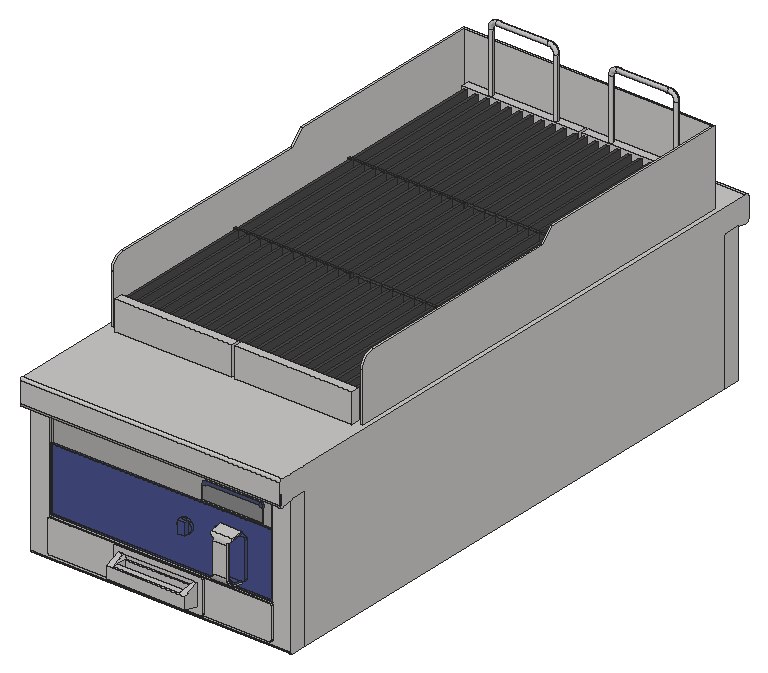
Revit family "QF_ELECTROLUXPROFESSIONAL_589278_MCDAAADOPO", category Specialty Equipment, Revit 2018
Family settings
  Round Connector Dimension = Use Diameter
  Part Type = Normal
  Work Plane-Based = No
  Always vertical = Yes
  Cut with Voids When Loaded = No
  Shared = No
  Room Calculation Point = No
Parameters
  Weight in Pounds = 143.3
  Watts = 0 W
  URL Cutsheet = ""
  Type Mark [instance] = ""
  Specification by User [instance] = ""
  Specification by Manufacturer = ""
  Show Clearance [instance] = yes
  Serial Number = ""
  Seismic Rating = ""
  SMACNA No = ""
  Revision Code [instance] = ""
  Omniclass Number and Title = ""
  NAFEM Spec ID Number = ""
  Model = "589278"
  Mechanical Remarks = ""
  Mechanical Connection Type = ""
  Masterspec = ""
  Manufacturer = "ELECTROLUX"
  Item Number [instance] = ""
  Installed By [instance] = ""
  Identify Quantity as Lot [instance] = yes
  HP = "0 HP"
  Gas Size = 3/4"
  Gas RI Height [instance] = 0 mm
  Gas KW = 10.5
  Gas Input [instance] = 35794.5 Btu/h
  Gas Connection Height = 0 mm
  Furnished By [instance] = ""
  Foodservice Equipment Identifier [instance] = yes
  Direct Waste Size = 0"
  Description = "GAS CHARGRILL,1-SIDE,400X900X250H"
  CSI MasterFormat = ""
  CSI Master Format = ""
Reference planes
  plane 1 "BACK": y = 0
  plane 2: z = 0
  plane 3 "LEFT": x = 0
  plane 4 "RIGHT": x = 400
  plane 5 "FRONT": y = -900
  plane 6 "TOP": z = 250
  plane 7: x = 200
  plane 8: y = -450
  plane 9: y = -1330
Forms (mm)
  Extrusion 1, solid, material "QF_Finishes_Stainless Steel"
    sketch origin (0, -487.128, 0) x (0, 1, 0) y (0, 0, 1)
      loop
        line (483.128, 250) -> (-408.872, 250)
        arc (-408.872, 250) -> (-411.7, 248.828) -> (-412.872, 246) r 4
        line (-412.872, 246) -> (-412.872, 214)
        arc (-412.872, 214) -> (-411.443, 210.936) -> (-408.177, 210.061) r 4
        line (-408.177, 210.061) -> (-391.509, 213) -> (-366.872, 213) -> (-366.872, 0) -> (441.128, 0) -> (441.128, 213) -> (465.765, 213) -> (482.433, 210.061)
        arc (482.433, 210.061) -> (485.699, 210.936) -> (487.128, 214) r 4
        line (487.128, 214) -> (487.128, 246)
        arc (487.128, 246) -> (485.956, 248.828) -> (483.128, 250) r 4
    from 0 to 400
  Extrusion 2, solid, material "QF_Finishes_Stainless Steel"
    sketch origin (0, 0, 0) x (0, 1, 0) y (0, 0, 1)
      loop
        line (-46, 0) -> (-20, 0) -> (-20, 213) -> (-46, 213) -> (-46, 0)
    from 0 to 400
  Extrusion 3, solid, material "QF_Finishes_Stainless Steel"
    sketch origin (0, -854, 0) x (1, 0, 0) y (0, -1, 0)
      loop
        circle (365, -264) r 6.35
    from 0 to 3.2
  Extrusion 4, solid, material "QF_Door-Drawer Clearances", visible <- "Show Clearance", detail levels coarse
    sketch origin (237.31, -881.593, 8.62) x (0, 0, 1) y (-1, 0, 0)
      loop
        line (1.973, -134.295) -> (49.317, -134.295)
        arc (49.317, -134.295) -> (50.776, -133.691) -> (51.38, -132.232) r 2.063
        line (51.38, -132.232) -> (51.38, 206.852)
        arc (51.38, 206.852) -> (50.88, 208.549) -> (49.541, 209.705) r 3.133
        line (49.541, 209.705) -> (3.067, 209.705)
        arc (3.067, 209.705) -> (0.898, 208.807) -> (0, 206.638) r 3.067
        line (0, 206.638) -> (0, -132.322)
        arc (0, -132.322) -> (0.578, -133.717) -> (1.973, -134.295) r 1.973
    from 0 to 448.407
  Extrusion 5, solid, material "QF_Clearances", visible <- "Show Clearance", detail levels coarse
    sketch origin (-178.969, -4572, 0) x (-1, 0, 0) y (0, -1, 0)
      loop
        line (-26.969, -3672) -> (-178.969, -3672) -> (-178.969, -4572) -> (-578.969, -4572) -> (-578.969, -3672) -> (-730.969, -3672) -> (-730.969, -4775) -> (-26.969, -4775) -> (-26.969, -3672)
    from 0 to 250
Lines and regions (mm)
  symbolic lines
    curve 1: line (0, 0, 0) -> (400, 0, 0)
    curve 2: line (0, -900, 0) -> (0, 0, 0)
    curve 3: line (400, -900, 0) -> (0, -900, 0)
    curve 4: line (400, 0, 0) -> (400, -900, 0)
  symbolic lines, style "QF_Door-Drawer Clearances"
    curve 5: line (27.605, -1330, 0) -> (27.605, -900, 0)
    curve 6: line (27.605, -1330, 0) -> (371.605, -1330, 0)
    curve 7: line (371.605, -1330, 0) -> (371.605, -900, 0)
  symbolic lines, style "QF_Clearances", visible <- "Show Clearance", detail levels coarse
    curve 8: line (-152, 203, 0) -> (-152, -900, 0)
    curve 9: line (552, 203, 0) -> (-152, 203, 0)
    curve 10: line (552, -900, 0) -> (552, 203, 0)
Dimensions and locks
  plane 3 "LEFT" to plane 4 "RIGHT" = 400 mm
  plane 5 "FRONT" to plane 1 "BACK" = 900 mm
  equal spacing: plane 3 "LEFT", plane 7, plane 4 "RIGHT"
  equal spacing: plane 5 "FRONT", plane 8, plane 1 "BACK"
  plane 6 "TOP" to level = 250 mm  (x2)
  plane 1 "BACK" to plane 5 "FRONT" = 900 mm
  Extrusion 3 sketch curve to plane 1 "BACK" = 590 mm
  Extrusion 3 sketch curve to plane 4 "RIGHT" = 35 mm
  plane 5 "FRONT" to plane 9 = 430 mm
  Extrusion 5 to plane 3 "LEFT" = 152 mm
  plane 4 "RIGHT" to Extrusion 5 = 152 mm
  plane 1 "BACK" to Extrusion 5 = 203 mm
  aligned and locked: level to plane 2
  aligned and locked: plane 7 to nested 1
  aligned and locked: Extrusion 4 to plane 9
  aligned and locked: plane 6 "TOP" to Extrusion 5
  aligned and locked: plane 7 to nested 2
Automatic sketch dimensions
  Extrusion 2 sketch curve to Extrusion 2 sketch curve = 26 mm
  plane 1 "BACK" to Extrusion 2 sketch curve = 20 mm
  Extrusion 1 sketch curve to plane 5 "FRONT" = 0 mm
  Extrusion 1 sketch curve to plane 6 "TOP" = 0 mm
  Extrusion 1 sketch curve to level = 0 mm
  Extrusion 1 sketch curve to plane 1 "BACK" = 0 mm
  Extrusion 1 sketch curve to plane 6 "TOP" = 37 mm  (x2)
  Extrusion 1 sketch curve to plane 5 "FRONT" = 4 mm
  Extrusion 1 sketch curve to plane 5 "FRONT" = 21.363 mm
  Extrusion 1 sketch curve to plane 5 "FRONT" = 46 mm
  plane 1 "BACK" to Extrusion 1 sketch curve = 21.363 mm
  plane 1 "BACK" to Extrusion 1 sketch curve = 4 mm  (x2)
  Extrusion 1 sketch curve to Extrusion 1 sketch curve = 4 mm
  Extrusion 1 sketch curve to Extrusion 1 sketch curve = 0.695 mm
  Extrusion 1 sketch curve to Extrusion 1 sketch curve = 0 mm  (x4)
  plane 1 "BACK" to Extrusion 1 sketch curve = 4.695 mm
  Extrusion 1 sketch curve to Extrusion 1 sketch curve = 1 mm  (x2)
  plane 1 "BACK" to Extrusion 1 sketch curve = 46 mm
  Extrusion 4 sketch curve to nested 1 = 1.973 mm
  Extrusion 4 sketch curve to nested 1 = 2.853 mm
  Extrusion 4 sketch curve to nested 1 = 1.839 mm
  plane 1 "BACK" to Extrusion 5 sketch curve = 0 mm
  plane 5 "FRONT" to Extrusion 5 sketch curve = 0 mm  (x2)
  Extrusion 5 sketch curve to plane 4 "RIGHT" = 152 mm
  Extrusion 5 sketch curve to plane 1 "BACK" = 203 mm
  Extrusion 5 sketch curve to plane 3 "LEFT" = 152 mm
  Extrusion 5 sketch curve to plane 3 "LEFT" = 0 mm
  Extrusion 5 sketch curve to plane 4 "RIGHT" = 0 mm
  plane 1 "BACK" to curve 1 = 0 mm
  curve 1 to plane 4 "RIGHT" = 0 mm
  curve 7 to plane 9 = 0 mm
  curve 3 to plane 3 "LEFT" = 0 mm
  plane 5 "FRONT" to curve 3 = 0 mm
  plane 5 "FRONT" to curve 10 = 0 mm
  plane 5 "FRONT" to curve 8 = 0 mm
  curve 9 to plane 4 "RIGHT" = 152 mm
  plane 4 "RIGHT" to curve 7 = 28.395 mm
  plane 3 "LEFT" to curve 5 = 27.605 mm
  curve 8 to plane 3 "LEFT" = 152 mm
  curve 8 to plane 1 "BACK" = 203 mm
  Extrusion 2 sketch curve to level = 0 mm
  Extrusion 2 sketch curve to plane 6 "TOP" = 37 mm
  radius of Extrusion 3 sketch curve = 6.35 mm
  radius of Extrusion 4 sketch curve to nested 1 = 0 mm  (x2)
Nested families
  nested 1: "GC_900_400 Front Panel with Center Grease Trap" at (202.376, -854, -650), type "GC_900_400 Front Panel with Center Grease Trap"
  nested 2: "GC_900_CharGrill" at (138.888, -5, 0), type "GC_900_CharGrill"
Connectors
  piping at (365, -590, -3.2), diameter 12.8
    settings: on Extrusion 3, index 1, connector inside diameter 0.50394", connector length 0 mm, flow factor 0, pipe flow 0 GPM, pressure drop 0.00 psi, fitting loss kfactor 0, connector angle 0.00°, fixture units 0, engagement length 0 mm, angle of deflection 0.00°, flow configuration 1, flow direction 1, fitting loss method 0, system type 7, joint type 0, gender type 0, connector reference index -1, connector utility 0, adjustable connector no, is connector primary yes, connector description "GAS CONNECTION"
Definition of nested family "GC_900_400 Front Panel with Center Grease Trap"
  Reference planes
    plane 1 "Center (Front/Back)": y = 0
    plane 2: z = 0
    plane 3 "Center (Left/Right)": x = -2.376
    plane 4: x = -202.376
    plane 5: x = 197.624
  Forms (mm)
    Extrusion 1, solid
      sketch origin (833.217, 829.203, -1.25) x (0, 1, 0) y (0, 0, 1)
        loop
          arc (-854.203, 654.25) -> (-853.324, 652.129) -> (-851.203, 651.25) r 3
          line (-851.203, 651.25) -> (-829.203, 651.25) -> (-829.203, 864.25) -> (-854.203, 864.25) -> (-854.203, 654.25)
      from -1035.593 to -635.593
    Extrusion 2, void
      sketch origin (33.217, 829.203, -1.25) x (1, 0, 0) y (0, 0, 1)
        loop
          line (-207.593, 855.116) -> (-207.593, 713.116) -> (136.407, 713.116) -> (136.407, 855.116) -> (-207.593, 855.116)
      from 848.59 to 854.203
    Extrusion 3, solid
      sketch origin (-166.718, -23.053, 847.184) x (0, 0, -1) y (1, 0, 0)
        loop
          circle (77.168, 200.901) r 11
      from 0 to 3.2
    Extrusion 4, solid
      sketch origin (-166.718, -26.253, 847.184) x (0, 0, -1) y (1, 0, 0)
        loop
          line (67.962, 195.586) -> (86.297, 195.586) -> (86.297, 206.217) -> (67.962, 206.217) -> (67.962, 195.586)
      from 0 to 6.4
  Cuts and joins
    Extrusion 2 cuts Extrusion 1
  Lines and regions (mm)
    symbolic lines
      curve 1: line (91.29, -48.326, 0) -> (91.29, -46, 0)
      curve 2: spline (96.959, -49.73, 0) -> (96.48, -49.657, 0) -> (96.002, -49.575, 0) -> (95.525, -49.486, 0) -> (95.049, -49.389, 0) -> (94.574, -49.283, 0) -> (94.101, -49.17, 0) -> (93.628, -49.049, 0) -> (93.158, -48.92, 0) -> (92.688, -48.783, 0) -> (92.22, -48.638, 0) -> (91.754, -48.486, 0) -> (91.29, -48.326, 0)
      curve 3: line (123.506, -48.326, 0) -> (123.506, -46, 0)
      curve 4: spline (123.506, -48.326, 0) -> (123.041, -48.486, 0) -> (122.575, -48.638, 0) -> (122.107, -48.783, 0) -> (121.638, -48.92, 0) -> (121.167, -49.049, 0) -> (120.695, -49.17, 0) -> (120.221, -49.283, 0) -> (119.746, -49.389, 0) -> (119.271, -49.486, 0) -> (118.794, -49.575, 0) -> (118.316, -49.657, 0) -> (117.837, -49.73, 0)
      curve 5: line (96.959, -49.73, 0) -> (117.837, -49.73, 0)
      curve 6: line (-54.768, -54.767, 0) -> (47.667, -54.767, 0)
      curve 7: line (47.667, -54.767, 0) -> (49.212, -46, 0)
      curve 8: line (-54.768, -54.767, 0) -> (-56.314, -46, 0)
  Dimensions and locks
    equal spacing: plane 5, plane 3 "Center (Left/Right)", plane 4
    plane 5 to plane 4 = 400 mm
    plane 5 to nested 1 = 90 mm
    aligned and locked: cut or joined group of Extrusion 1, Extrusion 2 to plane 4
    aligned and locked: plane 5 to cut or joined group of Extrusion 1, Extrusion 2
    aligned and locked: plane 3 "Center (Left/Right)" to nested 2
    aligned and locked: cut or joined group of Extrusion 1, Extrusion 2 to nested 2
    aligned and locked: plane 3 "Center (Left/Right)" to nested 3
  Automatic sketch dimensions
    curve 8 to plane 3 "Center (Left/Right)" = 52.392 mm
    plane 1 "Center (Front/Back)" to curve 8 = 54.767 mm
    plane 3 "Center (Left/Right)" to curve 6 = 50.042 mm
    curve 6 to curve 1 = 43.623 mm
    curve 1 to curve 5 = 5.669 mm
    curve 5 to curve 5 = 20.878 mm
    curve 5 to curve 3 = 5.669 mm
    curve 8 to curve 6 = 1.546 mm
    curve 6 to curve 7 = 1.546 mm
    plane 1 "Center (Front/Back)" to curve 2 = 6.899 mm
    curve 1 to curve 2 = 9.839 mm
    plane 1 "Center (Front/Back)" to curve 4 = 6.899 mm
    curve 2 to curve 4 = 12.538 mm
    curve 5 to curve 4 = 42.832 mm
    curve 2 to curve 1 = 1.405 mm
    curve 5 to curve 3 = 1.405 mm
    curve 3 to curve 3 = 2.326 mm
    curve 6 to curve 8 = 8.767 mm
    curve 2 to curve 1 = 2.326 mm
    curve 6 to curve 7 = 8.767 mm
    Extrusion 1 sketch curve to plane 1 "Center (Front/Back)" = 0 mm
    level to Extrusion 1 sketch curve = 650 mm
    Extrusion 1 sketch curve to Extrusion 1 sketch curve = 22 mm
    Extrusion 1 sketch curve to Extrusion 1 sketch curve = 3 mm
    Extrusion 1 sketch curve to Extrusion 1 sketch curve = 210 mm
    plane 4 to Extrusion 2 sketch curve = 28 mm
    level to Extrusion 2 sketch curve = 711.866 mm
    Extrusion 2 sketch curve to plane 5 = 28 mm
    Extrusion 2 sketch curve to Extrusion 2 sketch curve = 142 mm
    nested 2 to Extrusion 3 sketch curve = 40.144 mm
    Extrusion 3 sketch curve to nested 2 = 132.531 mm
    Extrusion 4 sketch curve to Extrusion 4 sketch curve = 18.335 mm
    Extrusion 4 sketch curve to Extrusion 4 sketch curve = 10.631 mm
    radius of Extrusion 3 sketch curve = 11 mm
  Nested families
    nested 1: "Range Control Handle" at (107.624, -28.137, -209.113) x (-1, 0, 0) z (0, 0, 1), type "Range Control Handle"
    nested 2: "glass conrol panel" at (-2.376, 280.644, 2.752), type "glass conrol panel"
    nested 3: "grease trap door" at (65.223, -25, 0.608) x (-1, 0, 0) z (0, 0, 1), type "grease trap door"
  Definition of nested family "Range Control Handle"
    Reference planes
      plane 1 "Center (Front/Back)": y = 0
      plane 2: z = 0
      plane 3 "Center (Left/Right)": x = 0
      plane 4: z = 971.092
    Forms (mm)
      Extrusion 1, solid
        sketch origin (-746.28, 380.497, 208.931) x (-1, 0, 0) y (0, 0, 1)
          loop
            line (-770.101, 786.798) -> (-770.101, 731.649)
            arc (-770.101, 731.649) -> (-769.759, 730.563) -> (-768.855, 729.87) r 1.893
            line (-768.855, 729.87) -> (-763.474, 727.911) -> (-729.81, 727.911) -> (-724.428, 729.87)
            arc (-724.428, 729.87) -> (-723.525, 730.563) -> (-723.183, 731.649) r 1.893
            line (-723.183, 731.649) -> (-723.183, 786.798)
            arc (-723.183, 786.798) -> (-723.529, 787.894) -> (-724.44, 788.593) r 1.91
            line (-724.44, 788.593) -> (-729.683, 790.819) -> (-763.601, 790.819) -> (-768.844, 788.593)
            arc (-768.844, 788.593) -> (-769.755, 787.894) -> (-770.101, 786.798) r 1.91
        from -382.35 to -378.852
      Sweep 2, solid
        path origin (-746.788, 380.496, 208.091) x (0, -1, 0) y (0, 0, 1)
          loop
            line (379.775, 793.281) -> (395.661, 791.048)
            arc (395.661, 791.048) -> (397.781, 787.377) -> (398.517, 783.202) r 12.207
            line (398.517, 783.202) -> (398.517, 737.368)
            arc (398.517, 737.368) -> (397.781, 733.193) -> (395.661, 729.522) r 12.207
            line (395.661, 729.522) -> (379.775, 727.289)
        profile origin (-746.788, -7.222, 1000.256) x (0, -0.139173, 0.990268) y (-1, 0, 0)
          loop
            line (0.782, -763.123) -> (0.782, -730.907) -> (-1.322, -730.907) -> (-1.322, -763.123) -> (0.782, -763.123)
      Sweep 3, solid
        path origin (-746.788, 380.715, 207.832) x (0, -1, 0) y (0, 0, 1)
          loop
            line (380.478, 795.442) -> (397.218, 793.09)
            arc (397.218, 793.09) -> (399.929, 788.473) -> (400.871, 783.202) r 15.207
            line (400.871, 783.202) -> (400.871, 737.584)
            arc (400.871, 737.584) -> (399.914, 732.274) -> (397.164, 727.633) r 15.207
            line (397.164, 727.633) -> (380.601, 725.305)
        profile origin (-746.788, -8.132, 1002.099) x (0, -0.139173, 0.990268) y (-1, 0, 0)
          loop
            line (0.782, -763.123) -> (0.782, -730.907) -> (-1.322, -730.907) -> (-1.322, -763.123) -> (0.782, -763.123)
      Extrusion 4, void
        sketch origin (889.253, 220.666, 207.993) x (1, 0, 0) y (0, 0, 1)
          loop
            line (-943.038, 816.854) -> (-943.038, 703.686) -> (-899.466, 734.196) -> (-899.466, 786.344) -> (-943.038, 816.854)
        from 230.636 to 242.25
      Extrusion 5, void
        sketch origin (-888.8, 220.666, 207.993) x (-1, 0, 0) y (0, 0, -1)
          loop
            line (-943.038, -816.854) -> (-899.466, -786.344) -> (-899.466, -734.196) -> (-943.038, -703.686) -> (-943.038, -816.854)
        from 230.636 to 242.25
      Extrusion 6, solid
        sketch origin (0, 0, 0) x (1, 0, 0) y (0, 0, 1)
          loop
            circle (0, 971.092) r 7.736
        from -3.137 to -1.645
    Cuts and joins
      Extrusion 4, Extrusion 5 cuts Sweep 3
      Extrusion 4, Extrusion 5 cuts Sweep 2
      joined: Extrusion 1, Extrusion 6
    Lines and regions (mm)
      symbolic lines
        curve 1: line (23.821, 1.645, 0) -> (-23.097, 1.645, 0)
        curve 2: line (16.334, -1.853, 0) -> (23.821, -1.853, 0)
        curve 3: line (-15.881, -19.189, 0) -> (-15.881, -1.853, 0)
        curve 4: line (-23.097, -1.853, 0) -> (-15.881, -1.853, 0)
        curve 5: line (16.334, -19.189, 0) -> (16.334, -1.853, 0)
        curve 6: spline (-15.881, -19.189, 0) -> (-15.417, -19.349, 0) -> (-14.951, -19.501, 0) -> (-14.483, -19.646, 0) -> (-14.014, -19.783, 0) -> (-13.543, -19.912, 0) -> (-13.071, -20.033, 0) -> (-12.597, -20.146, 0) -> (-12.122, -20.251, 0) -> (-11.646, -20.349, 0) -> (-11.169, -20.438, 0) -> (-10.691, -20.52, 0) -> (-10.213, -20.593, 0)
        curve 7: spline (10.666, -20.593, 0) -> (11.144, -20.52, 0) -> (11.622, -20.438, 0) -> (12.099, -20.349, 0) -> (12.575, -20.251, 0) -> (13.05, -20.146, 0) -> (13.524, -20.033, 0) -> (13.996, -19.912, 0) -> (14.467, -19.783, 0) -> (14.936, -19.646, 0) -> (15.404, -19.501, 0) -> (15.87, -19.349, 0) -> (16.334, -19.189, 0)
        curve 8: line (-10.213, -20.938, 0) -> (10.716, -20.938, 0)
        curve 9: line (-23.097, 1.645, 0) -> (-23.097, -1.853, 0)
        curve 10: line (23.821, 1.645, 0) -> (23.821, -1.853, 0)
  Definition of nested family "glass conrol panel"
    Reference planes
      plane 1 "Center (Front/Back)": y = 0
      plane 2: z = 0
      plane 3 "Center (Left/Right)": x = 0
    Forms (mm)
      Extrusion 1, solid
        sketch origin (378.286, 0, 0.617) x (1, 0, 0) y (0, 0, 1)
          loop
            line (-550.286, 806.791) -> (-550.286, 708.497) -> (-206.286, 708.497) -> (-206.286, 806.791) -> (-550.286, 806.791)
        from 300.031 to 304.8
      Extrusion 2, solid
        sketch origin (378.286, 0, 0.617) x (1, 0, 0) y (0, 0, 1)
          loop
            line (-550.286, 850.497) -> (-550.286, 806.791) -> (-206.286, 806.791) -> (-206.286, 850.497) -> (-550.286, 850.497)
        from 300.031 to 304.8
      Extrusion 3, void
        sketch origin (378.286, 0, 0.617) x (1, 0, 0) y (0, 0, 1)
          loop
            line (-547.628, 847.565) -> (-547.628, 710.699) -> (-209.196, 710.699) -> (-209.196, 847.565) -> (-547.628, 847.565)
        from 303.697 to 304.8
      Extrusion 4, solid
        sketch origin (-198.333, 1.101, -0.633) x (-1, 0, 0) y (0, 0, -1)
          loop
            line (-261.431, -812.62) -> (-355.186, -812.62) -> (-355.186, -834.177) -> (-350.269, -834.177) -> (-348.469, -835.977) -> (-268.039, -835.977) -> (-266.24, -834.177) -> (-261.431, -834.177) -> (-261.431, -812.62)
        from 304.798 to 306.745
      Extrusion 5, solid
        sketch origin (-198.333, 1.101, -0.633) x (-1, 0, 0) y (0, 0, -1)
          loop
            line (-350.269, -834.177) -> (-355.078, -834.177)
            arc (-355.078, -834.177) -> (-353.942, -838.747) -> (-349.686, -840.763) r 5.5
            line (-349.686, -840.763) -> (-266.98, -840.763)
            arc (-266.98, -840.763) -> (-262.706, -838.752) -> (-261.529, -834.177) r 5.549
            line (-261.529, -834.177) -> (-266.24, -834.177) -> (-268.039, -835.977) -> (-348.469, -835.977) -> (-350.269, -834.177)
        from 304.798 to 306.745
    Cuts and joins
      Extrusion 3 cuts Extrusion 1
      Extrusion 3 cuts Extrusion 2
    Dimensions and locks
      aligned and locked: Extrusion 1 to Extrusion 2
      aligned and locked: Extrusion 5 sketch curve to Extrusion 4  (x5)
      aligned and locked: Extrusion 5 to Extrusion 4
  Definition of nested family "grease trap door"
    Reference planes
      plane 1 "Center (Front/Back)": y = 0
      plane 2: z = 0
      plane 3 "Center (Left/Right)": x = 0
    Forms (mm)
      Extrusion 1, solid
        sketch origin (1627.55, 854.203, -1.25) x (1, 0, 0) y (0, 0, 1)
          loop
            arc (-1627.55, 661.235) -> (-1626.972, 659.84) -> (-1625.577, 659.262) r 1.973
            line (-1625.577, 659.262) -> (-1494.325, 659.262)
            arc (-1494.325, 659.262) -> (-1492.156, 660.16) -> (-1491.258, 662.329) r 3.067
            line (-1491.258, 662.329) -> (-1491.258, 708.803)
            arc (-1491.258, 708.803) -> (-1492.414, 710.143) -> (-1494.111, 710.642) r 3.133
            line (-1494.111, 710.642) -> (-1625.486, 710.642)
            arc (-1625.486, 710.642) -> (-1626.945, 710.038) -> (-1627.55, 708.579) r 2.063
            line (-1627.55, 708.579) -> (-1627.55, 661.235)
        from 856.795 to 859.203
      Extrusion 2, solid
        sketch origin (445.874, 2476.61, 0) x (0, 1, 0) y (0, 0, 1)
          loop
            line (-2506.377, 675.273) -> (-2481.61, 667.505) -> (-2481.61, 700.995) -> (-2506.377, 693.227) -> (-2506.377, 675.273)
        from -437.68 to -317.68
      Extrusion 3, void
        sketch origin (1627.55, 854.203, -1.25) x (1, 0, 0) y (0, 0, 1)
          loop
            line (-1614.883, 703) -> (-1610.542, 695.433) -> (-1508.17, 695.433) -> (-1503.828, 703) -> (-1614.883, 703)
          loop
            line (-1614.883, 668) -> (-1502.669, 668) -> (-1507.01, 675.567) -> (-1610.542, 675.567) -> (-1614.883, 668)
        from 832.916 to 883.97
      Extrusion 4, void
        sketch origin (447.55, 854.203, -1.25) x (1, 0, 0) y (0, 0, 1)
          loop
            line (-430.542, 695.433) -> (-430.542, 675.567) -> (-328.17, 675.567) -> (-328.17, 695.433) -> (-430.542, 695.433)
        from 859.203 to 874.202
      Extrusion 5, solid
        sketch origin (1627.55, 854.203, -1.25) x (1, 0, 0) y (0, 0, 1)
          loop
            arc (-1731.556, 661.235) -> (-1730.978, 659.84) -> (-1729.583, 659.262) r 1.973
            line (-1729.583, 659.262) -> (-1390.623, 659.262)
            arc (-1390.623, 659.262) -> (-1388.454, 660.16) -> (-1387.556, 662.329) r 3.067
            line (-1387.556, 662.329) -> (-1387.556, 708.803)
            arc (-1387.556, 708.803) -> (-1388.712, 710.143) -> (-1390.409, 710.642) r 3.133
            line (-1390.409, 710.642) -> (-1729.493, 710.642)
            arc (-1729.493, 710.642) -> (-1730.952, 710.038) -> (-1731.556, 708.579) r 2.063
            line (-1731.556, 708.579) -> (-1731.556, 661.235)
        from 854.203 to 856.795
    Cuts and joins
      Extrusion 3 cuts Extrusion 1
      Extrusion 3, Extrusion 4 cuts Extrusion 2
      joined: Extrusion 1, Extrusion 2
    Lines and regions (mm)
      symbolic lines
        curve 1: line (0, -2.593, 0) -> (136.292, -2.593, 0)
        curve 2: line (17.557, -29.767, 0) -> (12.667, -2.593, 0)
        curve 3: line (17.557, -29.767, 0) -> (119.991, -29.767, 0)
        curve 4: line (119.991, -29.767, 0) -> (124.881, -2.593, 0)
        curve 5: line (68.146, -2.593, 0) -> (68.146, -29.767, 0)
      model lines
        curve 6: line (67.599, 0, 658.012) -> (67.599, 0, 709.392)
    Dimensions and locks
      aligned and locked: Extrusion 2 to Extrusion 1
      aligned and locked: Extrusion 3 to Extrusion 2
      aligned and locked: Extrusion 4 to Extrusion 1
Definition of nested family "GC_900_CharGrill"
  Parameters
    Width [instance] = 400 mm
    No. of Rails [instance] = 2
    Grill Width [instance] = 180 mm
  Reference planes
    plane 1 "Center (Front/Back)": y = 0
    plane 2: z = 0
    plane 3 "Center (Left/Right)": x = -138.888
    plane 4: y = -900
    plane 5: x = 261.112
    plane 6: x = 61.112
    plane 7: y = -450
    plane 8: z = 250
    plane 9: x = -132.538
    plane 10: x = 254.762
    plane 11: y = -53.75
  Forms (mm)
    Extrusion 1, solid
      sketch origin (-132.538, 36.469, 1219.2) x (0, 1, 0) y (0, 0, 1)
        loop
          line (-90.219, -969.2) -> (-90.219, -854.2) -> (-400.219, -854.2) -> (-419.147, -873.128) -> (-744.324, -873.128)
          arc (-744.324, -873.128) -> (-758.466, -878.986) -> (-764.324, -893.128) r 20
          line (-764.324, -893.128) -> (-764.324, -969.2) -> (-90.219, -969.2)
      from 0 to 3.2
    Extrusion 2, solid
      sketch origin (254.762, 36.469, 1219.2) x (0, 1, 0) y (0, 0, -1)
        loop
          line (-90.219, 969.2) -> (-764.324, 969.2) -> (-764.324, 893.128)
          arc (-764.324, 893.128) -> (-758.466, 878.986) -> (-744.324, 873.128) r 20
          line (-744.324, 873.128) -> (-419.147, 873.128) -> (-400.219, 854.2) -> (-90.219, 854.2) -> (-90.219, 969.2)
      from 0 to 3.2
    Extrusion 3, solid
      sketch origin (-132.538, -53.75, 1219.2) x (-1, 0, 0) y (0, 0, 1)
        loop
          line (-387.3, -854.2) -> (-387.3, -969.2) -> (0, -969.2) -> (0, -854.2) -> (-387.3, -854.2)
      from 0 to 3.2
  Cuts and joins
    joined: Extrusion 1, Extrusion 2, Extrusion 3
  Lines and regions (mm)
    symbolic lines
      curve 1: line (254.762, -50.55, 0) -> (-132.538, -50.55, 0)
      curve 2: line (-132.538, -50.55, 0) -> (-132.538, -363.75, 0)
      curve 3: line (-132.538, -363.75, 0) -> (-129.338, -363.75, 0)
      curve 4: line (-129.338, -363.75, 0) -> (-129.338, -53.75, 0)
      curve 5: line (-129.338, -53.75, 0) -> (251.562, -53.75, 0)
      curve 6: line (251.562, -53.75, 0) -> (251.562, -363.75, 0)
      curve 7: line (251.562, -363.75, 0) -> (254.762, -363.75, 0)
      curve 8: line (254.762, -363.75, 0) -> (254.762, -50.55, 0)
  Dimensions and locks
    "Width": plane 3 "Center (Left/Right)" to plane 5
    plane 4 to plane 1 "Center (Front/Back)" = 900 mm
    equal spacing: plane 3 "Center (Left/Right)", plane 6, plane 5
    equal spacing: plane 4, plane 7, plane 1 "Center (Front/Back)"
    plane 8 to level = 250 mm
    locked: plane 3 "Center (Left/Right)" to plane 9 at 6.35
    locked: plane 10 to plane 5 at 6.35
    locked: nested 1 to plane 3 "Center (Left/Right)" at 17.5
    group 1 to group 2 = 185 mm
    group 1 to group 2 = 0 mm  (x2)
    locked: plane 5 to nested 2 at 17.5
  Automatic sketch dimensions
    Extrusion 1 sketch curve to plane 8 = 0 mm
    Extrusion 1 sketch curve to plane 4 = 172.145 mm
    plane 8 to Extrusion 1 sketch curve = 76.072 mm
    Extrusion 1 sketch curve to Extrusion 1 sketch curve = 20 mm
    plane 7 to Extrusion 1 sketch curve = 67.322 mm
    Extrusion 1 sketch curve to Extrusion 1 sketch curve = 18.928 mm  (x2)
    plane 1 "Center (Front/Back)" to Extrusion 1 sketch curve = 53.75 mm
    Extrusion 2 sketch curve to plane 8 = 0 mm
    plane 4 to Extrusion 2 sketch curve = 172.145 mm
    Extrusion 2 sketch curve to plane 8 = 76.072 mm
    Extrusion 2 sketch curve to Extrusion 2 sketch curve = 20 mm
    Extrusion 2 sketch curve to plane 7 = 67.322 mm
    Extrusion 2 sketch curve to Extrusion 2 sketch curve = 18.928 mm  (x2)
    Extrusion 2 sketch curve to plane 1 "Center (Front/Back)" = 53.75 mm
    Extrusion 3 sketch curve to plane 8 = 0 mm
    plane 10 to Extrusion 3 sketch curve = 0 mm
    Extrusion 3 sketch curve to plane 9 = 0 mm
    plane 8 to Extrusion 3 sketch curve = 115 mm
    curve 1 to plane 9 = 0 mm
    curve 5 to plane 11 = 0 mm
    curve 1 to plane 10 = 0 mm
    plane 7 to curve 8 = 86.25 mm
    plane 9 to curve 5 = 3.2 mm
    plane 10 to curve 5 = 3.2 mm
    plane 7 to curve 2 = 86.25 mm
    plane 11 to curve 1 = 3.2 mm
  Nested families
    nested 1: "Grill" at (17.5, -55, 250), Width <- "Grill Width", type "Grill"
    nested 2: "Grill" at (202.5, -55, 250), Width <- "Grill Width", type "Grill"
      with Width 180 mm
  Definition of nested family "Grill"
    Parameters
      Width [instance] = 180 mm
    Reference planes
      plane 1 "Center (Front/Back)": y = 0
      plane 2: z = 0
      plane 3 "Center (Left/Right)": x = -138.888
      plane 4: y = -680
      plane 5: x = 41.112
      plane 6: x = -48.888
      plane 7: y = -340
      plane 8: z = 150
      plane 9: x = -133.888
      plane 10: x = 36.112
      plane 11: x = -116.888
      plane 12: x = -99.888
      plane 13: x = -82.888
      plane 14: x = -65.888
      plane 15: x = -48.888
      plane 16: x = -31.888
      plane 17: x = -14.888
      plane 18: x = 2.112
      plane 19: x = 19.112
    Forms (mm)
      Extrusion 1, solid
        sketch origin (0, 0, 0) x (1, 0, 0) y (0, 0, 1)
          loop
            line (41.112, 0) -> (41.112, 45) -> (-138.888, 45) -> (-138.888, 0) -> (41.112, 0)
        from 0 to 12.7
      Extrusion 2, solid
        sketch origin (414.497, -680, 1219.2) x (1, 0, 0) y (0, 0, 1)
          loop
            line (-373.385, -1219.2) -> (-373.385, -1174.2) -> (-553.385, -1174.2) -> (-553.385, -1219.2) -> (-373.385, -1219.2)
        from 0 to -12.7
      Sweep 3, solid
        path origin (-132.538, -6.35, 1219.2) x (-1, 0, 0) y (0, 0, 1)
          loop
            line (-33.65, -1174.2) -> (-33.65, -1082.375)
            arc (-33.65, -1082.375) -> (-36.579, -1075.304) -> (-43.65, -1072.375) r 10
            line (-43.65, -1072.375) -> (-123.65, -1072.375)
            arc (-123.65, -1072.375) -> (-130.721, -1075.304) -> (-133.65, -1082.375) r 10
            line (-133.65, -1082.375) -> (-133.65, -1174.2)
        profile origin (-98.888, -6.35, 90.912) x (1, 0, 0) y (0, 1, 0)
          loop
            circle (0, 0) r 3.175
      Extrusion 4, solid
        sketch origin (-1.925, -12.7, -4.375) x (1, 0, 0) y (0, 0, 1)
          loop
            line (-133.955, 46.301) -> (-134.968, 31.301) -> (-128.957, 31.301) -> (-129.97, 46.301) -> (-133.955, 46.301)
        from 0 to 654.6
      Extrusion 5, solid
        sketch origin (168.075, -12.7, -4.375) x (1, 0, 0) y (0, 0, 1)
          loop
            line (-133.955, 46.301) -> (-134.968, 31.301) -> (-128.957, 31.301) -> (-129.97, 46.301) -> (-133.955, 46.301)
        from 0 to 654.6
      Extrusion 6, solid
        sketch origin (15.075, -12.7, -4.375) x (1, 0, 0) y (0, 0, 1)
          loop
            line (-133.955, 46.301) -> (-134.968, 31.301) -> (-128.957, 31.301) -> (-129.97, 46.301) -> (-133.955, 46.301)
        from 0 to 654.6
      Extrusion 7, solid
        sketch origin (32.075, -12.7, -4.375) x (1, 0, 0) y (0, 0, 1)
          loop
            line (-133.955, 46.301) -> (-134.968, 31.301) -> (-128.957, 31.301) -> (-129.97, 46.301) -> (-133.955, 46.301)
        from 0 to 654.6
      Extrusion 8, solid
        sketch origin (49.075, -12.7, -4.375) x (1, 0, 0) y (0, 0, 1)
          loop
            line (-133.955, 46.301) -> (-134.968, 31.301) -> (-128.957, 31.301) -> (-129.97, 46.301) -> (-133.955, 46.301)
        from 0 to 654.6
      Extrusion 9, solid
        sketch origin (66.075, -12.7, -4.375) x (1, 0, 0) y (0, 0, 1)
          loop
            line (-133.955, 46.301) -> (-134.968, 31.301) -> (-128.957, 31.301) -> (-129.97, 46.301) -> (-133.955, 46.301)
        from 0 to 654.6
      Extrusion 10, solid
        sketch origin (83.075, -12.7, -4.375) x (1, 0, 0) y (0, 0, 1)
          loop
            line (-133.955, 46.301) -> (-134.968, 31.301) -> (-128.957, 31.301) -> (-129.97, 46.301) -> (-133.955, 46.301)
        from 0 to 654.6
      Extrusion 11, solid
        sketch origin (100.075, -12.7, -4.375) x (1, 0, 0) y (0, 0, 1)
          loop
            line (-133.955, 46.301) -> (-134.968, 31.301) -> (-128.957, 31.301) -> (-129.97, 46.301) -> (-133.955, 46.301)
        from 0 to 654.6
      Extrusion 12, solid
        sketch origin (117.075, -12.7, -4.375) x (1, 0, 0) y (0, 0, 1)
          loop
            line (-133.955, 46.301) -> (-134.968, 31.301) -> (-128.957, 31.301) -> (-129.97, 46.301) -> (-133.955, 46.301)
        from 0 to 654.6
      Extrusion 13, solid
        sketch origin (134.075, -12.7, -4.375) x (1, 0, 0) y (0, 0, 1)
          loop
            line (-133.955, 46.301) -> (-134.968, 31.301) -> (-128.957, 31.301) -> (-129.97, 46.301) -> (-133.955, 46.301)
        from 0 to 654.6
      Extrusion 14, solid
        sketch origin (151.075, -12.7, -4.375) x (1, 0, 0) y (0, 0, 1)
          loop
            line (-133.955, 46.301) -> (-134.968, 31.301) -> (-128.957, 31.301) -> (-129.97, 46.301) -> (-133.955, 46.301)
        from 0 to 654.6
      Extrusion 15, solid
        sketch origin (-138.888, -110, 0) x (0, 1, 0) y (0, 0, 1)
          loop
            line (-341.993, 41.926) -> (-343.006, 26.926) -> (-336.994, 26.926) -> (-338.007, 41.926) -> (-341.993, 41.926)
          loop
            line (-121.993, 41.926) -> (-123.006, 26.926) -> (-116.994, 26.926) -> (-118.007, 41.926) -> (-121.993, 41.926)
        from 0 to 180
    Lines and regions (mm)
      symbolic lines
        curve 1: line (-136.894, -12.7, 0) -> (-136.894, -667.3, 0)
        curve 2: line (-130.882, -12.7, 0) -> (-130.882, -667.3, 0)
        curve 3: line (33.106, -12.7, 0) -> (33.106, -667.3, 0)
        curve 4: line (39.118, -12.7, 0) -> (39.118, -667.3, 0)
        curve 5: line (-119.894, -12.7, 0) -> (-119.894, -667.3, 0)
        curve 6: line (-113.882, -12.7, 0) -> (-113.882, -667.3, 0)
        curve 7: line (-102.894, -12.7, 0) -> (-102.894, -667.3, 0)
        curve 8: line (-96.882, -12.7, 0) -> (-96.882, -667.3, 0)
        curve 9: line (-85.894, -12.7, 0) -> (-85.894, -667.3, 0)
        curve 10: line (-79.882, -12.7, 0) -> (-79.882, -667.3, 0)
        curve 11: line (-68.894, -12.7, 0) -> (-68.894, -667.3, 0)
        curve 12: line (-62.882, -12.7, 0) -> (-62.882, -667.3, 0)
        curve 13: line (-51.894, -12.7, 0) -> (-51.894, -667.3, 0)
        curve 14: line (-45.882, -12.7, 0) -> (-45.882, -667.3, 0)
        curve 15: line (-34.894, -12.7, 0) -> (-34.894, -667.3, 0)
        curve 16: line (-28.882, -12.7, 0) -> (-28.882, -667.3, 0)
        curve 17: line (-17.894, -12.7, 0) -> (-17.894, -667.3, 0)
        curve 18: line (-11.882, -12.7, 0) -> (-11.882, -667.3, 0)
        curve 19: line (-0.894, -12.7, 0) -> (-0.894, -667.3, 0)
        curve 20: line (5.118, -12.7, 0) -> (5.118, -667.3, 0)
        curve 21: line (16.106, -12.7, 0) -> (16.106, -667.3, 0)
        curve 22: line (22.118, -12.7, 0) -> (22.118, -667.3, 0)
        curve 23: line (-98.888, -3.175, 0) -> (1.112, -3.175, 0)
        curve 24: line (1.112, -9.525, 0) -> (-98.888, -9.525, 0)
        curve 25: arc (-98.888, -3.175, 0) -> (-102.063, -6.35, 0) -> (-98.888, -9.525, 0) r 3.175
        curve 26: arc (1.112, -3.175, 0) -> (4.287, -6.35, 0) -> (1.112, -9.525, 0) r 3.175
        curve 27: line (-138.888, 0, 0) -> (41.112, 0, 0)
        curve 28: line (-138.888, -12.7, 0) -> (-138.888, 0, 0)
        curve 29: line (41.112, -12.7, 0) -> (-138.888, -12.7, 0)
        curve 30: line (41.112, 0, 0) -> (41.112, -12.7, 0)
        curve 31: line (-138.888, -667.3, 0) -> (41.112, -667.3, 0)
        curve 32: line (-138.888, -680, 0) -> (-138.888, -667.3, 0)
        curve 33: line (41.112, -680, 0) -> (-138.888, -680, 0)
        curve 34: line (41.112, -667.3, 0) -> (41.112, -680, 0)
    Dimensions and locks
      "Width": plane 3 "Center (Left/Right)" to plane 5
      plane 4 to plane 1 "Center (Front/Back)" = 680 mm  (x2)
      equal spacing: plane 3 "Center (Left/Right)", plane 6, plane 5
      equal spacing: plane 4, plane 7, plane 1 "Center (Front/Back)"
      plane 8 to level = 150 mm
      equal spacing: group 1, group 3, group 4, group 5, group 6, group 7, group 8, group 9, group 10, group 11, group 2  (x3)
      locked: plane 9 to plane 3 "Center (Left/Right)" at 5
      locked: plane 5 to plane 10 at 5
      aligned and locked: plane 5 to Extrusion 15
    Automatic sketch dimensions
      Extrusion 4 sketch curve to Extrusion 4 sketch curve = 15 mm
      Extrusion 4 sketch curve to Extrusion 4 sketch curve = 1.013 mm
      Extrusion 4 sketch curve to Extrusion 4 sketch curve = 3.985 mm
      Extrusion 4 sketch curve to Extrusion 4 sketch curve = 6.011 mm
      Extrusion 5 sketch curve to Extrusion 5 sketch curve = 15 mm
      Extrusion 5 sketch curve to Extrusion 5 sketch curve = 1.013 mm
      Extrusion 5 sketch curve to Extrusion 5 sketch curve = 3.985 mm
      Extrusion 5 sketch curve to Extrusion 5 sketch curve = 6.011 mm
      Extrusion 6 sketch curve to Extrusion 6 sketch curve = 15 mm
      Extrusion 6 sketch curve to Extrusion 6 sketch curve = 1.013 mm
      Extrusion 6 sketch curve to Extrusion 6 sketch curve = 3.985 mm
      Extrusion 6 sketch curve to Extrusion 6 sketch curve = 6.011 mm
      Extrusion 7 sketch curve to Extrusion 7 sketch curve = 15 mm
      Extrusion 7 sketch curve to Extrusion 7 sketch curve = 1.013 mm
      Extrusion 7 sketch curve to Extrusion 7 sketch curve = 3.985 mm
      Extrusion 7 sketch curve to Extrusion 7 sketch curve = 6.011 mm
      Extrusion 8 sketch curve to Extrusion 8 sketch curve = 15 mm
      Extrusion 8 sketch curve to Extrusion 8 sketch curve = 1.013 mm
      Extrusion 8 sketch curve to Extrusion 8 sketch curve = 3.985 mm
      Extrusion 8 sketch curve to Extrusion 8 sketch curve = 6.011 mm
      Extrusion 9 sketch curve to Extrusion 9 sketch curve = 15 mm
      Extrusion 9 sketch curve to Extrusion 9 sketch curve = 1.013 mm
      Extrusion 9 sketch curve to Extrusion 9 sketch curve = 3.985 mm
      Extrusion 9 sketch curve to Extrusion 9 sketch curve = 6.011 mm
      Extrusion 10 sketch curve to Extrusion 10 sketch curve = 15 mm
      Extrusion 10 sketch curve to Extrusion 10 sketch curve = 1.013 mm
      Extrusion 10 sketch curve to Extrusion 10 sketch curve = 3.985 mm
      Extrusion 10 sketch curve to Extrusion 10 sketch curve = 6.011 mm
      Extrusion 11 sketch curve to Extrusion 11 sketch curve = 15 mm
      Extrusion 11 sketch curve to Extrusion 11 sketch curve = 1.013 mm
      Extrusion 11 sketch curve to Extrusion 11 sketch curve = 3.985 mm
      Extrusion 11 sketch curve to Extrusion 11 sketch curve = 6.011 mm
      Extrusion 12 sketch curve to Extrusion 12 sketch curve = 15 mm
      Extrusion 12 sketch curve to Extrusion 12 sketch curve = 1.013 mm
      Extrusion 12 sketch curve to Extrusion 12 sketch curve = 3.985 mm
      Extrusion 12 sketch curve to Extrusion 12 sketch curve = 6.011 mm
      Extrusion 13 sketch curve to Extrusion 13 sketch curve = 15 mm
      Extrusion 13 sketch curve to Extrusion 13 sketch curve = 1.013 mm
      Extrusion 13 sketch curve to Extrusion 13 sketch curve = 3.985 mm
      Extrusion 13 sketch curve to Extrusion 13 sketch curve = 6.011 mm
      Extrusion 14 sketch curve to Extrusion 14 sketch curve = 15 mm
      Extrusion 14 sketch curve to Extrusion 14 sketch curve = 1.013 mm
      Extrusion 14 sketch curve to Extrusion 14 sketch curve = 3.985 mm
      Extrusion 14 sketch curve to Extrusion 14 sketch curve = 6.011 mm
      Extrusion 1 sketch curve to level = 0 mm
      Extrusion 1 sketch curve to plane 3 "Center (Left/Right)" = 0 mm
      Extrusion 1 sketch curve to plane 5 = 0 mm
      level to Extrusion 1 sketch curve = 45 mm
      Extrusion 2 sketch curve to level = 0 mm
      Extrusion 2 sketch curve to plane 3 "Center (Left/Right)" = 0 mm
      Extrusion 2 sketch curve to plane 5 = 0 mm
      level to Extrusion 2 sketch curve = 45 mm
      Sweep 3 sketch curve to plane 8 = 13.175 mm
      Sweep 3 sketch curve to plane 8 = 3.175 mm
      Sweep 3 sketch curve to Sweep 3 sketch curve = 10 mm
      Sweep 3 sketch curve to plane 6 = 40 mm
      level to Sweep 3 sketch curve = 45 mm  (x2)
      Sweep 3 sketch curve to profile plane = 0 mm  (x2)
      level to Extrusion 15 sketch curve = 26.926 mm  (x2)
      Extrusion 15 sketch curve to Extrusion 15 sketch curve = 15 mm  (x2)
      plane 7 to Extrusion 15 sketch curve = 106.994 mm
      Extrusion 15 sketch curve to Extrusion 15 sketch curve = 1.013 mm  (x2)
      Extrusion 15 sketch curve to Extrusion 15 sketch curve = 3.985 mm  (x2)
      Extrusion 15 sketch curve to Extrusion 15 sketch curve = 6.011 mm  (x2)
      Extrusion 15 sketch curve to plane 7 = 113.006 mm
      plane 1 "Center (Front/Back)" to curve 28 = 0 mm
      curve 28 to plane 3 "Center (Left/Right)" = 0 mm
      curve 33 to plane 3 "Center (Left/Right)" = 0 mm
      curve 34 to plane 5 = 0 mm
      curve 29 to plane 5 = 0 mm
      plane 4 to curve 34 = 0 mm
      plane 1 "Center (Front/Back)" to curve 24 = 9.525 mm
      plane 9 to curve 24 = 35 mm
      plane 1 "Center (Front/Back)" to curve 23 = 3.175 mm
      curve 33 to curve 34 = 12.7 mm
      plane 1 "Center (Front/Back)" to curve 29 = 12.7 mm
      curve 1 to curve 2 = 6.011 mm
      curve 1 to curve 2 = 0 mm  (x2)
      curve 2 to curve 2 = 654.6 mm
      curve 3 to curve 4 = 6.011 mm
      curve 3 to curve 4 = 0 mm  (x2)
      curve 4 to curve 4 = 654.6 mm
      curve 5 to curve 6 = 6.011 mm
      curve 5 to curve 6 = 0 mm  (x2)
      curve 6 to curve 6 = 654.6 mm
      curve 7 to curve 8 = 6.011 mm
      curve 7 to curve 8 = 0 mm  (x2)
      curve 8 to curve 8 = 654.6 mm
      curve 9 to curve 10 = 6.011 mm
      curve 9 to curve 10 = 0 mm  (x2)
      curve 10 to curve 10 = 654.6 mm
      curve 11 to curve 12 = 6.011 mm
      curve 11 to curve 12 = 0 mm  (x2)
      curve 12 to curve 12 = 654.6 mm
      curve 13 to curve 14 = 6.011 mm
      curve 13 to curve 14 = 0 mm  (x2)
      curve 14 to curve 14 = 654.6 mm
      curve 15 to curve 16 = 6.011 mm
      curve 15 to curve 16 = 0 mm  (x2)
      curve 16 to curve 16 = 654.6 mm
      curve 17 to curve 18 = 6.011 mm
      curve 17 to curve 18 = 0 mm  (x2)
      curve 18 to curve 18 = 654.6 mm
      curve 19 to curve 20 = 6.011 mm
      curve 19 to curve 20 = 0 mm  (x2)
      curve 20 to curve 20 = 654.6 mm
      curve 21 to curve 22 = 6.011 mm
      curve 21 to curve 22 = 0 mm  (x2)
      curve 22 to curve 22 = 654.6 mm
      curve 23 to plane 5 = 40 mm
      Sweep 3 sketch curve to plane 5 = 40 mm
      radius of Sweep 3 sketch curve = 3.175 mm
